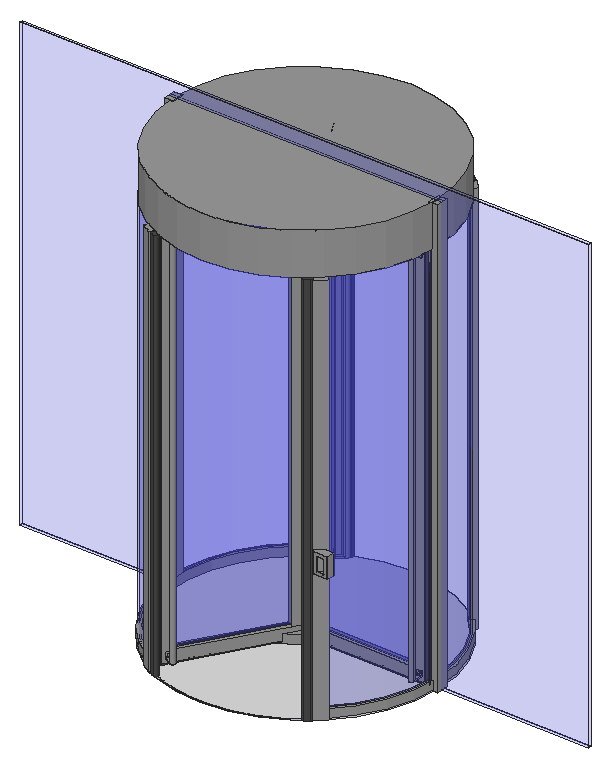
Revit family "Geryon SRD-C01", category Türen, Revit 2016 (continued)
Dimensions and locks
  locked: Extrusion 70 sketch curve to Extrusion 70 sketch curve at 85
  locked: Extrusion 70 sketch curve to Extrusion 70 sketch curve at 48.5
  locked: Extrusion 71 sketch curve to Extrusion 71 sketch curve at 85
  locked: Extrusion 71 sketch curve to Extrusion 71 sketch curve at 48.5
  locked: Extrusion 72 sketch curve to Extrusion 72 sketch curve at 85
  locked: Extrusion 72 sketch curve to Extrusion 72 sketch curve at 48.5
  "DiameterNightLockFrame": Extrusion 72 sketch curve to plane 17
  "DiameterNightLockFrame": plane 15 "120-3" to Extrusion 71 sketch curve
  locked: Extrusion 70 sketch curve to plane 13 "120-1" at 20
  "DiameterNightLockFrame": plane 15 "120-3" to Extrusion 70 sketch curve
  "ConsoleS2": nested 15 to plane 17
  equal spacing: Extrusion 23, nested 6, Sweep 35
  equal spacing: Extrusion 13, nested 11, Extrusion 14
  equal spacing: Extrusion 8, nested 8, Extrusion 8
  equal spacing: Extrusion 7, nested 5, Extrusion 7
  equal spacing: Extrusion 16, nested 9, Extrusion 16
  equal spacing: Extrusion 26, plane 1 "Mitte (Vorne/Hinten)", Extrusion 26
  "DoorThickness": Extrusion 26 to Extrusion 26
  equal spacing: Extrusion 13, plane 10 "180-1", Extrusion 13
  "DoorThickness": Extrusion 13 to Extrusion 13
  equal spacing: nested 8, plane 11 "180-2", Extrusion 8
  "DoorThickness": Extrusion 8 to nested 8
  equal spacing: Extrusion 16, plane 12 "180-3", Extrusion 16
  "DoorThickness": Extrusion 16 to Extrusion 16
  equal spacing: Extrusion 7, plane 9 "180-4", Extrusion 7
  "DoorThickness": Extrusion 7 to Extrusion 7
  equal spacing: Extrusion 23, plane 13 "120-1", Extrusion 23
  "DoorThickness": Extrusion 23 to Extrusion 23
  equal spacing: Extrusion 26, plane 1 "Mitte (Vorne/Hinten)", Extrusion 80 sketch curve
  "DoorThickness": Extrusion 80 sketch curve to Extrusion 80 sketch curve  (x3)
  equal spacing: Extrusion 80 sketch curve, plane 13 "120-1", Extrusion 80 sketch curve
  equal spacing: Extrusion 80 sketch curve, plane 15 "120-3", Extrusion 80 sketch curve
  equal spacing: Extrusion 79 sketch curve, plane 11 "180-2", Extrusion 79 sketch curve
  equal spacing: Extrusion 79 sketch curve, plane 12 "180-3", Extrusion 79 sketch curve
  "DoorThickness": Extrusion 79 sketch curve to Extrusion 79 sketch curve  (x2)
  "FrameThicknessCenter": Extrusion 80 sketch curve to plane 17
  "FrameThicknessCenter": plane 14 "120-2" to Extrusion 80 sketch curve  (x2)
  "FrameThickness": Extrusion 79 sketch curve to Extrusion 79 sketch curve  (x4)
  locked: level to Extrusion 26 sketch curve at 15
  locked: plane 2 to Extrusion 8 sketch curve at 15
  locked: Extrusion 7 sketch curve to plane 2 at 15
  locked: Extrusion 16 sketch curve to plane 8 "access height" at 15
  locked: Extrusion 16 sketch curve to plane 2 at 15
  locked: plane 8 "access height" to Extrusion 7 sketch curve at 15
  locked: Extrusion 23 sketch curve to plane 2 at 15
  locked: plane 8 "access height" to Extrusion 23 sketch curve at 15
  locked: Extrusion 13 sketch curve to plane 2 at 15
  locked: plane 8 "access height" to Extrusion 13 sketch curve at 15
  Extrusion 26 sketch curve to plane 8 "access height" = 15.00 mm
  locked: plane 8 "access height" to Extrusion 8 sketch curve at 15
  "FrameThicknessCenter": plane 19 "upperFrame" to plane 8 "access height"
  "DoorWidth": Extrusion 81 sketch curve to plane 20 "120-3 normal"
  "FrameThickness": Extrusion 81 sketch curve to Extrusion 81 sketch curve  (x3)
  locked: Extrusion 81 sketch curve to plane 2 at 15
  locked: plane 8 "access height" to Extrusion 81 sketch curve at 15
  equal spacing: Extrusion 81, nested 10, Extrusion 81
  equal spacing: Extrusion 81, plane 15 "120-3", Extrusion 81
  "DoorThickness": Extrusion 81 to Extrusion 81
  "Height": plane 2 to plane 7
  equal spacing: Extrusion 1 sketch curve, plane 3 "Mitte (Links/Rechts)", Extrusion 1 sketch curve
  "Width": Extrusion 1 sketch curve to Extrusion 1 sketch curve
  locked: Extrusion 6 sketch curve to Extrusion 1 at 10
  locked: Extrusion 1 to Extrusion 19 sketch curve at 10
  "AccessLengthOrRadius": radius of curve 1
  "DiameterOutside": radius of curve 2
  "DiameterNightLock": radius of curve 3
  "DiameterNightLockCover": radius of curve 4
  "Diameter": radius of Extrusion 3 sketch curve
  "DiameterCoverFront": radius of Extrusion 30 sketch curve
  "Diameter": radius of Extrusion 30 sketch curve
  "DiameterCoverFront": radius of Extrusion 39 sketch curve
  "Diameter": radius of Extrusion 39 sketch curve
  "DiameterNightLockGlassInside": radius of Extrusion 45 sketch curve
  "DiameterNightLockGlassOutside": radius of Extrusion 45 sketch curve
  "DiameterNightLockGlassInside": radius of Extrusion 46 sketch curve
  "DiameterNightLockGlassOutside": radius of Extrusion 46 sketch curve
  "DiameterNightLockGlassInside": radius of Extrusion 53 sketch curve
  "DiameterNightLockGlassOutside": radius of Extrusion 53 sketch curve
  "DiameterNightLockGlassInside": radius of Extrusion 54 sketch curve
  "DiameterNightLockGlassOutside": radius of Extrusion 54 sketch curve
  "DiameterNightLockGlassInside": radius of curve 27
  "DiameterNightLockGlassOutside": radius of curve 26
  "DiameterGlassInside": radius of curve 29
  "DiameterGlassOutside": radius of curve 28
  angle plane 15 "120-3" to plane 16 = 37.50°
  angle plane 16 to plane 11 "180-2" = 37.50°
  aligned and locked: level to plane 2
  aligned and locked: Extrusion 1 to plane 4 "Section L"
  aligned and locked: Extrusion 1 to plane 6 "Oberkante"
  aligned and locked: Extrusion 1 to plane 5 "Section R"
  aligned and locked: Extrusion 1 to level  (x2)
  aligned and locked: Extrusion 21 to nested 3
  aligned and locked: nested 4 to Extrusion 22
  aligned and locked: nested 3 to plane 8 "access height"
  aligned and locked: nested 2 to plane 8 "access height"
  aligned and locked: plane 8 "access height" to nested 1
  aligned and locked: plane 8 "access height" to nested 4
  aligned and locked: Extrusion 30 to plane 8 "access height"
  aligned and locked: plane 7 to Extrusion 30
  aligned and locked: Extrusion 19 to Extrusion 5 sketch curve  (x2)
  aligned and locked: Extrusion 38 sketch curve to curve 2
  aligned and locked: plane 7 to Extrusion 39
  aligned and locked: Extrusion 39 to plane 8 "access height"
  aligned and locked: Extrusion 44 sketch curve to curve 4
  aligned and locked: Extrusion 44 sketch curve to curve 3
  aligned and locked: Extrusion 40 to Extrusion 44 sketch curve
  aligned and locked: Extrusion 42 to Extrusion 44 sketch curve
  aligned and locked: Extrusion 40 to Extrusion 45 sketch curve
  aligned and locked: Extrusion 42 to Extrusion 45 sketch curve
  aligned and locked: Extrusion 47 sketch curve to curve 3
  aligned and locked: Extrusion 47 sketch curve to curve 4
  aligned and locked: Extrusion 47 sketch curve to Extrusion 43
  aligned and locked: Extrusion 46 sketch curve to Extrusion 43
  aligned and locked: Extrusion 43 to Extrusion 48 sketch curve
  aligned and locked: Extrusion 48 sketch curve to curve 4  (x2)
  aligned and locked: Extrusion 48 sketch curve to curve 3  (x2)
  aligned and locked: Extrusion 42 to Extrusion 48 sketch curve
  aligned and locked: Extrusion 40 to Extrusion 48 sketch curve
  aligned and locked: plane 8 "access height" to Extrusion 48
  aligned and locked: Extrusion 53 sketch curve to Extrusion 49
  aligned and locked: Extrusion 53 sketch curve to Extrusion 51
  aligned and locked: Extrusion 52 to Extrusion 54 sketch curve
  aligned and locked: plane 8 "access height" to Extrusion 56
  aligned and locked: Extrusion 55 sketch curve to curve 4  (x2)
  aligned and locked: Extrusion 55 sketch curve to curve 3  (x2)
  aligned and locked: Extrusion 51 to Extrusion 55 sketch curve
  aligned and locked: Extrusion 49 to Extrusion 55 sketch curve
  aligned and locked: Extrusion 50 to Extrusion 55 sketch curve
  aligned and locked: Extrusion 52 to Extrusion 55 sketch curve
  aligned and locked: Extrusion 56 sketch curve to curve 4  (x2)
  aligned and locked: Extrusion 56 sketch curve to curve 3  (x2)
  aligned and locked: Extrusion 51 to Extrusion 56 sketch curve
  aligned and locked: Extrusion 49 to Extrusion 56 sketch curve
  aligned and locked: Extrusion 50 to Extrusion 56 sketch curve
  aligned and locked: Extrusion 52 to Extrusion 56 sketch curve
  aligned and locked: nested 12 to nested 4
  aligned and locked: Extrusion 57 sketch curve to plane 9 "180-4"
  aligned and locked: Extrusion 57 sketch curve to plane 12 "180-3"
  aligned and locked: Extrusion 57 sketch curve to plane 11 "180-2"
  aligned and locked: Extrusion 57 sketch curve to plane 10 "180-1"
  aligned and locked: plane 8 "access height" to Extrusion 57
  aligned and locked: plane 8 "access height" to Extrusion 49
  aligned and locked: plane 8 "access height" to Extrusion 50
  aligned and locked: plane 8 "access height" to Extrusion 51
  aligned and locked: plane 8 "access height" to Extrusion 42
  aligned and locked: plane 8 "access height" to Extrusion 20
  aligned and locked: plane 8 "access height" to Extrusion 52
  aligned and locked: plane 8 "access height" to Extrusion 22
  aligned and locked: plane 8 "access height" to Extrusion 21
  aligned and locked: plane 8 "access height" to Extrusion 40
  aligned and locked: plane 8 "access height" to Extrusion 41
  aligned and locked: plane 8 "access height" to Extrusion 43
  aligned and locked: plane 7 to Extrusion 19
  aligned and locked: plane 7 to Extrusion 6
  aligned and locked: nested 1 to Extrusion 58
  aligned and locked: Extrusion 60 sketch curve to curve 1
  aligned and locked: Extrusion 60 sketch curve to plane 9 "180-4"
  aligned and locked: Extrusion 60 sketch curve to plane 12 "180-3"
  aligned and locked: Extrusion 60 sketch curve to curve 2
  aligned and locked: plane 8 "access height" to Extrusion 61
  aligned and locked: plane 8 "access height" to Extrusion 58
  aligned and locked: Extrusion 62 to nested 14  (x2)
  aligned and locked: Extrusion 64 sketch curve to curve 3
  aligned and locked: Extrusion 64 sketch curve to curve 4
  aligned and locked: Extrusion 64 sketch curve to plane 15 "120-3"
  aligned and locked: Extrusion 64 sketch curve to plane 11 "180-2"
  aligned and locked: Extrusion 65 sketch curve to curve 26  (x2)
  aligned and locked: Extrusion 65 sketch curve to curve 27  (x2)
  aligned and locked: Extrusion 68 to plane 16
  aligned and locked: Extrusion 69 sketch curve to curve 3
  aligned and locked: Extrusion 69 sketch curve to curve 4
  aligned and locked: Extrusion 69 sketch curve to plane 11 "180-2"
  aligned and locked: Extrusion 69 sketch curve to plane 15 "120-3"
  aligned and locked: Extrusion 66 sketch curve to curve 27  (x2)
  aligned and locked: Extrusion 66 sketch curve to curve 26  (x2)
  aligned and locked: Extrusion 67 to Extrusion 66 sketch curve
  aligned and locked: Extrusion 68 to Extrusion 66 sketch curve
  aligned and locked: plane 17 to Extrusion 72 sketch curve
  aligned and locked: plane 17 to Extrusion 71 sketch curve
  aligned and locked: nested 15 to Extrusion 70
  aligned and locked: Extrusion 73 sketch curve to curve 4  (x2)
  aligned and locked: Extrusion 73 sketch curve to curve 3  (x2)
  aligned and locked: Extrusion 71 to Extrusion 73 sketch curve
  aligned and locked: Extrusion 72 to Extrusion 73 sketch curve
  aligned and locked: Extrusion 70 to Extrusion 73 sketch curve
  aligned and locked: Extrusion 52 to Extrusion 73 sketch curve
  aligned and locked: Extrusion 74 sketch curve to curve 4  (x2)
  aligned and locked: Extrusion 74 sketch curve to curve 3  (x2)
  aligned and locked: Extrusion 70 to Extrusion 74 sketch curve
  aligned and locked: Extrusion 71 to Extrusion 74 sketch curve
  aligned and locked: Extrusion 72 to Extrusion 74 sketch curve
  aligned and locked: Extrusion 52 to Extrusion 74 sketch curve
  aligned and locked: plane 8 "access height" to Extrusion 74
  aligned and locked: plane 8 "access height" to Extrusion 66
  aligned and locked: Extrusion 57 sketch curve to curve 1  (x2)
  aligned and locked: Extrusion 57 sketch curve to curve 2  (x2)
  aligned and locked: Extrusion 75 sketch curve to curve 26
  aligned and locked: Extrusion 75 sketch curve to curve 27  (x2)
  aligned and locked: Extrusion 70 to Extrusion 75 sketch curve
  aligned and locked: Extrusion 52 to Extrusion 75 sketch curve
  aligned and locked: Extrusion 71 to Extrusion 75 sketch curve
  aligned and locked: Extrusion 72 to Extrusion 75 sketch curve
  aligned and locked: Extrusion 75 sketch curve to Extrusion 53
  aligned and locked: Extrusion 63 to Extrusion 65 sketch curve
  aligned and locked: Extrusion 65 sketch curve to Extrusion 43
  aligned and locked: Extrusion 67 to Extrusion 65 sketch curve
  aligned and locked: Extrusion 68 to Extrusion 65 sketch curve
  aligned and locked: Extrusion 63 to Extrusion 66 sketch curve
  aligned and locked: Extrusion 43 to Extrusion 66 sketch curve
  aligned and locked: Extrusion 76 sketch curve to curve 2
  aligned and locked: Extrusion 76 sketch curve to curve 1
  aligned and locked: Extrusion 76 sketch curve to plane 13 "120-1"
  aligned and locked: Extrusion 76 sketch curve to plane 15 "120-3"
  aligned and locked: Extrusion 77 sketch curve to curve 1
  aligned and locked: Extrusion 77 sketch curve to curve 2
  aligned and locked: Extrusion 77 sketch curve to plane 10 "180-1"
  aligned and locked: Extrusion 77 sketch curve to plane 11 "180-2"
  aligned and locked: Extrusion 6 to Extrusion 59 sketch curve  (x2)
  aligned and locked: Extrusion 59 sketch curve to plane 9 "180-4"
  aligned and locked: Extrusion 59 sketch curve to curve 29  (x2)
  aligned and locked: Extrusion 59 sketch curve to curve 28  (x2)
  aligned and locked: Extrusion 59 sketch curve to plane 12 "180-3"
  aligned and locked: Extrusion 6 to Extrusion 78 sketch curve  (x2)
  aligned and locked: Extrusion 78 sketch curve to curve 28
  aligned and locked: Extrusion 78 sketch curve to curve 29  (x2)
  aligned and locked: Extrusion 62 to Extrusion 78 sketch curve
  aligned and locked: Extrusion 58 to Extrusion 78 sketch curve
  aligned and locked: plane 11 "180-2" to Extrusion 13 sketch curve
  aligned and locked: Extrusion 13 sketch curve to plane 11 "180-2"
  aligned and locked: Extrusion 8 sketch curve to plane 12 "180-3"  (x2)
  aligned and locked: Extrusion 23 sketch curve to Extrusion 23 sketch curve
  aligned and locked: Extrusion 26 sketch curve to plane 3 "Mitte (Links/Rechts)"
  aligned and locked: plane 11 "180-2" to Extrusion 14
  aligned and locked: plane 12 "180-3" to Extrusion 9
  aligned and locked: plane 18 to Extrusion 24
  aligned and locked: plane 18 to Extrusion 25
  aligned and locked: nested 6 to Extrusion 23
  aligned and locked: nested 7 to Extrusion 26
  aligned and locked: nested 11 to Extrusion 13
  aligned and locked: nested 8 to Extrusion 8
  aligned and locked: Extrusion 15 to Extrusion 29 sketch curve
  aligned and locked: Extrusion 5 sketch curve to curve 28  (x2)
  aligned and locked: Extrusion 5 sketch curve to curve 29  (x2)
  aligned and locked: Extrusion 26 to plane 3 "Mitte (Links/Rechts)"
  aligned and locked: Extrusion 79 sketch curve to Extrusion 79 sketch curve  (x4)
  aligned and locked: Extrusion 16 sketch curve to plane 11 "180-2"
  aligned and locked: plane 11 "180-2" to Extrusion 16 sketch curve
  aligned and locked: plane 12 "180-3" to Extrusion 7 sketch curve
  aligned and locked: Extrusion 7 sketch curve to plane 12 "180-3"
  aligned and locked: Extrusion 9 to Extrusion 7
  aligned and locked: Extrusion 23 sketch curve to plane 18
  aligned and locked: Extrusion 29 to Extrusion 16  (x2)
  aligned and locked: plane 3 "Mitte (Links/Rechts)" to Extrusion 26 sketch curve
  aligned and locked: Extrusion 57 to plane 19 "upperFrame"
  aligned and locked: Extrusion 56 to plane 19 "upperFrame"
  aligned and locked: Extrusion 74 to plane 19 "upperFrame"
  aligned and locked: plane 19 "upperFrame" to Extrusion 75
  aligned and locked: plane 19 "upperFrame" to Extrusion 53
  aligned and locked: plane 19 "upperFrame" to Extrusion 9
  aligned and locked: Extrusion 48 to plane 19 "upperFrame"
  aligned and locked: plane 19 "upperFrame" to Extrusion 45
  aligned and locked: Extrusion 69 to plane 19 "upperFrame"
  aligned and locked: Extrusion 66 to plane 19 "upperFrame"
  aligned and locked: plane 19 "upperFrame" to Extrusion 65
  aligned and locked: plane 19 "upperFrame" to Extrusion 54
  aligned and locked: plane 19 "upperFrame" to Extrusion 27
  aligned and locked: plane 19 "upperFrame" to Extrusion 12
  aligned and locked: plane 19 "upperFrame" to Extrusion 46
  aligned and locked: plane 19 "upperFrame" to Extrusion 28
  aligned and locked: plane 19 "upperFrame" to Extrusion 11
  aligned and locked: plane 19 "upperFrame" to Extrusion 15
  aligned and locked: plane 19 "upperFrame" to Extrusion 14
  aligned and locked: plane 19 "upperFrame" to Extrusion 17
  aligned and locked: plane 19 "upperFrame" to Extrusion 18
  aligned and locked: plane 19 "upperFrame" to Extrusion 10
  aligned and locked: Extrusion 25 to Extrusion 23
  aligned and locked: Extrusion 24 to Extrusion 23
  aligned and locked: Extrusion 15 to Extrusion 13
  aligned and locked: Extrusion 14 to Extrusion 13
  aligned and locked: Extrusion 28 to Extrusion 26
  aligned and locked: Extrusion 27 to Extrusion 26
  aligned and locked: Extrusion 12 to Extrusion 8
  aligned and locked: Extrusion 11 to Extrusion 8
  aligned and locked: Extrusion 17 to Extrusion 16
  aligned and locked: nested 9 to Extrusion 16
  aligned and locked: Extrusion 7 to nested 5
  aligned and locked: Extrusion 23 to nested 6
  aligned and locked: Extrusion 81 sketch curve to plane 20 "120-3 normal"  (x2)
  aligned and locked: Extrusion 18 to Extrusion 16
  aligned and locked: Extrusion 10 to Extrusion 7
  aligned and locked: Extrusion 81 to nested 10
  aligned and locked: Extrusion 5 sketch curve to Extrusion 20
  aligned and locked: Extrusion 22 to Extrusion 5 sketch curve
  aligned and locked: Extrusion 79 to Extrusion 7
  aligned and locked: Extrusion 80 to Extrusion 7
  aligned and locked: Extrusion 26 to nested 16
  aligned and locked: Extrusion 8 to nested 17
  aligned and locked: Extrusion 81 to nested 18
  aligned and locked: Extrusion 16 to nested 19
  aligned and locked: Extrusion 7 to nested 20
  aligned and locked: Extrusion 23 to nested 21
  aligned and locked: Extrusion 13 to nested 22
  aligned and locked: nested 8 to nested 17
  aligned and locked: nested 7 to nested 16
  aligned and locked: nested 10 to nested 18
  aligned and locked: nested 9 to nested 19
  aligned and locked: nested 5 to nested 20
  aligned and locked: nested 6 to nested 21
  aligned and locked: nested 11 to nested 22
  aligned and locked: Extrusion 24 to Extrusion 7  (x2)
  aligned and locked: Extrusion 25 to Extrusion 7
  aligned and locked: Extrusion 27 to Extrusion 8
  aligned and locked: plane 8 "access height" to Extrusion 72
  aligned and locked: plane 8 "access height" to Extrusion 71
  aligned and locked: plane 8 "access height" to Extrusion 67
  aligned and locked: plane 8 "access height" to Extrusion 68
  aligned and locked: plane 8 "access height" to Extrusion 69
  aligned and locked: nested 14 to plane 8 "access height"
  aligned and locked: plane 8 "access height" to Extrusion 62
  aligned and locked: plane 8 "access height" to Extrusion 63
  aligned and locked: plane 8 "access height" to Extrusion 70
  aligned and locked: plane 7 to Extrusion 3
  aligned and locked: Extrusion 29 to Extrusion 81
  aligned and locked: Extrusion 82 sketch curve to plane 20 "120-3 normal"
  aligned and locked: Extrusion 81 to Extrusion 82 sketch curve
  aligned and locked: Extrusion 82 sketch curve to Extrusion 81  (x2)
Automatic sketch dimensions
  plane 9 "180-4" to Extrusion 2 sketch curve = 0.00 mm
  Extrusion 4 sketch curve to plane 15 "120-3" = 0.00 mm
  plane 1 "Mitte (Vorne/Hinten)" to Extrusion 4 sketch curve = 0.00 mm
  plane 10 "180-1" to Extrusion 4 sketch curve = 52.023 mm
  Extrusion 4 sketch curve to Extrusion 4 sketch curve = 147.131 mm
  Extrusion 4 sketch curve to Extrusion 4 sketch curve = 199.686 mm
  Extrusion 4 sketch curve to Extrusion 4 sketch curve = 285.181 mm
  plane 1 "Mitte (Vorne/Hinten)" to Extrusion 6 sketch curve = 42.50 mm
  Extrusion 9 sketch curve to plane 10 "180-1" = 0.00 mm
  level to Extrusion 10 sketch curve = 63.00 mm
  Extrusion 10 sketch curve to plane 8 "access height" = 92.00 mm
  level to Extrusion 11 sketch curve = 63.00 mm
  Extrusion 11 sketch curve to plane 8 "access height" = 92.00 mm
  level to Extrusion 12 sketch curve = 63.00 mm
  Extrusion 12 sketch curve to plane 8 "access height" = 92.00 mm
  plane 9 "180-4" to Extrusion 14 sketch curve = 0.00 mm
  level to Extrusion 14 sketch curve = 63.00 mm
  Extrusion 14 sketch curve to Extrusion 14 sketch curve = 790.00 mm
  Extrusion 14 sketch curve to plane 8 "access height" = 92.00 mm
  plane 9 "180-4" to Extrusion 15 sketch curve = 0.001 mm
  level to Extrusion 15 sketch curve = 63.00 mm
  Extrusion 15 sketch curve to Extrusion 15 sketch curve = 789.999 mm
  Extrusion 15 sketch curve to plane 8 "access height" = 92.00 mm
  plane 9 "180-4" to Extrusion 17 sketch curve = 0.001 mm
  level to Extrusion 17 sketch curve = 63.00 mm
  Extrusion 17 sketch curve to Extrusion 17 sketch curve = 790.001 mm
  Extrusion 17 sketch curve to plane 8 "access height" = 92.00 mm
  plane 9 "180-4" to Extrusion 18 sketch curve = 0.001 mm
  level to Extrusion 18 sketch curve = 63.00 mm
  Extrusion 18 sketch curve to Extrusion 18 sketch curve = 790.001 mm
  Extrusion 18 sketch curve to plane 8 "access height" = 92.00 mm
  Extrusion 19 sketch curve to plane 1 "Mitte (Vorne/Hinten)" = 42.50 mm
  Extrusion 24 sketch curve to Extrusion 24 sketch curve = 790.00 mm
  level to Extrusion 25 sketch curve = 63.00 mm
  Extrusion 25 sketch curve to Extrusion 25 sketch curve = 790.00 mm
  Extrusion 25 sketch curve to plane 8 "access height" = 95.00 mm
  plane 3 "Mitte (Links/Rechts)" to Extrusion 27 sketch curve = 0.00 mm
  level to Extrusion 28 sketch curve = 63.00 mm
  Extrusion 28 sketch curve to plane 8 "access height" = 92.00 mm
  Extrusion 44 sketch curve to Extrusion 44 sketch curve = 0.00 mm  (x2)
  plane 3 "Mitte (Links/Rechts)" to Extrusion 47 sketch curve = 77.839 mm
  plane 3 "Mitte (Links/Rechts)" to Extrusion 48 sketch curve = 77.839 mm
  Extrusion 59 sketch curve to plane 10 "180-1" = 0.00 mm  (x2)
  Extrusion 60 sketch curve to plane 9 "180-4" = 0.00 mm  (x2)
  Extrusion 64 sketch curve to plane 15 "120-3" = 0.00 mm  (x2)
  Extrusion 69 sketch curve to plane 15 "120-3" = 0.00 mm  (x2)
  Extrusion 74 sketch curve to Extrusion 74 sketch curve = 0.00 mm  (x2)
  Extrusion 76 sketch curve to plane 13 "120-1" = 0.00 mm  (x2)
  plane 10 "180-1" to Extrusion 77 sketch curve = 0.00 mm  (x2)
  plane 10 "180-1" to Extrusion 11 sketch curve = 0.00 mm
  plane 10 "180-1" to Extrusion 12 sketch curve = 0.00 mm
  Extrusion 10 sketch curve to plane 10 "180-1" = 0.001 mm
  plane 3 "Mitte (Links/Rechts)" to Extrusion 28 sketch curve = 0.00 mm
  Extrusion 27 sketch curve to plane 8 "access height" = 92.00 mm
  level to Extrusion 27 sketch curve = 95.00 mm
  Extrusion 11 sketch curve to Extrusion 11 sketch curve = 790.00 mm
  Extrusion 12 sketch curve to Extrusion 12 sketch curve = 790.00 mm
  Extrusion 9 sketch curve to plane 8 "access height" = 92.00 mm
  level to Extrusion 9 sketch curve = 100.00 mm
  Extrusion 9 sketch curve to Extrusion 9 sketch curve = 790.00 mm
  Extrusion 10 sketch curve to Extrusion 10 sketch curve = 789.999 mm
  Extrusion 24 sketch curve to plane 18 = 0.00 mm
  level to Extrusion 24 sketch curve = 95.00 mm
  Extrusion 24 sketch curve to plane 8 "access height" = 95.00 mm
  level to Extrusion 29 sketch curve = 95.00 mm
  Extrusion 29 sketch curve to plane 19 "upperFrame" = 3.00 mm
  Extrusion 29 sketch curve to plane 20 "120-3 normal" = 790.00 mm
  Extrusion 27 sketch curve to Extrusion 27 sketch curve = 790.00 mm
  Extrusion 28 sketch curve to Extrusion 28 sketch curve = 790.00 mm
  Extrusion 78 sketch curve to Extrusion 78 sketch curve = 0.00 mm  (x2)
  Extrusion 78 sketch curve to Extrusion 78 sketch curve = 11.01 mm
  curve 1 to curve 2 = 0.00 mm  (x2)
  curve 1 to curve 3 = 0.00 mm  (x2)
  curve 1 to curve 4 = 0.00 mm  (x2)
  curve 1 to curve 26 = 0.00 mm  (x2)
  curve 1 to curve 27 = 0.00 mm  (x2)
  curve 1 to curve 28 = 0.00 mm  (x2)
  curve 1 to curve 29 = 0.00 mm  (x2)
  plane 1 "Mitte (Vorne/Hinten)" to curve 24 = 0.00 mm
  plane 1 "Mitte (Vorne/Hinten)" to curve 4 = 0.00 mm
  curve 4 to plane 3 "Mitte (Links/Rechts)" = 0.00 mm
  plane 13 "120-1" to curve 23 = 0.00 mm
  plane 15 "120-3" to curve 23 = 0.00 mm
  curve 25 to curve 1 = 40.00 mm
  plane 3 "Mitte (Links/Rechts)" to curve 23 = 20.00 mm  (x2)
  Extrusion 1 sketch curve to level = 0.00 mm  (x2)
  plane 4 "Section L" to Extrusion 1 sketch curve = 0.00 mm
  plane 5 "Section R" to Extrusion 1 sketch curve = 0.00 mm
  Extrusion 1 sketch curve to plane 7 = 0.00 mm
  Extrusion 1 sketch curve to plane 6 "Oberkante" = 0.00 mm
  plane 1 "Mitte (Vorne/Hinten)" to Extrusion 3 sketch curve = 0.00 mm
  Extrusion 3 sketch curve to plane 3 "Mitte (Links/Rechts)" = 0.00 mm
  Extrusion 30 sketch curve to Extrusion 30 sketch curve = 0.00 mm
  plane 1 "Mitte (Vorne/Hinten)" to Extrusion 30 sketch curve = 0.00 mm
  Extrusion 30 sketch curve to plane 3 "Mitte (Links/Rechts)" = 0.00 mm
  Extrusion 39 sketch curve to Extrusion 39 sketch curve = 0.00 mm
  plane 1 "Mitte (Vorne/Hinten)" to Extrusion 39 sketch curve = 0.00 mm
  Extrusion 39 sketch curve to plane 3 "Mitte (Links/Rechts)" = 0.00 mm
  Extrusion 40 sketch curve to plane 3 "Mitte (Links/Rechts)" = 0.00 mm
  Extrusion 40 sketch curve to Extrusion 40 sketch curve = 1.80 mm  (x2)
  Extrusion 40 sketch curve to Extrusion 40 sketch curve = 2.00 mm
  Extrusion 40 sketch curve to plane 3 "Mitte (Links/Rechts)" = 2.00 mm
  Extrusion 41 sketch curve to Extrusion 41 sketch curve = 2.00 mm  (x4)
  Extrusion 41 sketch curve to plane 3 "Mitte (Links/Rechts)" = 0.00 mm
  Extrusion 42 sketch curve to Extrusion 42 sketch curve = 2.00 mm  (x4)
  plane 10 "180-1" to Extrusion 42 sketch curve = 65.00 mm
  Extrusion 43 sketch curve to Extrusion 43 sketch curve = 2.00 mm  (x4)
  plane 9 "180-4" to Extrusion 43 sketch curve = 19.998 mm
  Extrusion 45 sketch curve to Extrusion 45 sketch curve = 0.00 mm  (x2)
  plane 1 "Mitte (Vorne/Hinten)" to Extrusion 45 sketch curve = 0.00 mm
  Extrusion 45 sketch curve to plane 3 "Mitte (Links/Rechts)" = 0.00 mm
  Extrusion 46 sketch curve to Extrusion 46 sketch curve = 0.00 mm  (x2)
  plane 1 "Mitte (Vorne/Hinten)" to Extrusion 46 sketch curve = 0.00 mm
  Extrusion 46 sketch curve to plane 3 "Mitte (Links/Rechts)" = 0.00 mm
  Extrusion 46 sketch curve to plane 3 "Mitte (Links/Rechts)" = 85.00 mm
  Extrusion 49 sketch curve to Extrusion 49 sketch curve = 1.80 mm  (x2)
  plane 3 "Mitte (Links/Rechts)" to Extrusion 49 sketch curve = 0.00 mm
  Extrusion 49 sketch curve to Extrusion 49 sketch curve = 2.00 mm  (x2)
  Extrusion 50 sketch curve to Extrusion 50 sketch curve = 2.00 mm  (x4)
  plane 3 "Mitte (Links/Rechts)" to Extrusion 50 sketch curve = 0.001 mm
  Extrusion 51 sketch curve to Extrusion 51 sketch curve = 2.00 mm  (x4)
  Extrusion 51 sketch curve to plane 9 "180-4" = 20.001 mm
  Extrusion 52 sketch curve to Extrusion 52 sketch curve = 2.00 mm  (x4)
  Extrusion 52 sketch curve to plane 10 "180-1" = 65.00 mm
  Extrusion 53 sketch curve to Extrusion 53 sketch curve = 0.00 mm  (x2)
  plane 1 "Mitte (Vorne/Hinten)" to Extrusion 53 sketch curve = 0.00 mm
  Extrusion 53 sketch curve to plane 3 "Mitte (Links/Rechts)" = 0.00 mm
  Extrusion 54 sketch curve to Extrusion 54 sketch curve = 0.00 mm  (x2)
  Extrusion 54 sketch curve to plane 3 "Mitte (Links/Rechts)" = 0.00 mm
  Extrusion 54 sketch curve to plane 9 "180-4" = 0.00 mm
  plane 3 "Mitte (Links/Rechts)" to Extrusion 54 sketch curve = 85.00 mm
  Extrusion 58 sketch curve to Extrusion 58 sketch curve = 2.00 mm  (x4)
  Extrusion 58 sketch curve to plane 13 "120-1" = 20.001 mm
  Extrusion 61 sketch curve to Extrusion 61 sketch curve = 2.00 mm  (x4)
  Extrusion 63 sketch curve to Extrusion 63 sketch curve = 2.00 mm  (x4)
  Extrusion 63 sketch curve to plane 15 "120-3" = 65.00 mm
  Extrusion 67 sketch curve to plane 16 = 0.00 mm
  Extrusion 67 sketch curve to Extrusion 67 sketch curve = 1.80 mm  (x2)
  Extrusion 67 sketch curve to Extrusion 67 sketch curve = 2.00 mm
  Extrusion 67 sketch curve to plane 16 = 2.00 mm
  Extrusion 68 sketch curve to plane 16 = 0.00 mm
  Extrusion 68 sketch curve to Extrusion 68 sketch curve = 1.80 mm  (x2)
  Extrusion 68 sketch curve to Extrusion 68 sketch curve = 2.00 mm
  Extrusion 68 sketch curve to plane 16 = 2.00 mm
  Extrusion 70 sketch curve to Extrusion 70 sketch curve = 2.00 mm  (x4)
  Extrusion 71 sketch curve to Extrusion 71 sketch curve = 1.80 mm  (x2)
  Extrusion 71 sketch curve to Extrusion 71 sketch curve = 2.00 mm
  plane 17 to Extrusion 71 sketch curve = 2.00 mm
  Extrusion 72 sketch curve to Extrusion 72 sketch curve = 1.80 mm  (x2)
  Extrusion 72 sketch curve to Extrusion 72 sketch curve = 2.00 mm
  plane 17 to Extrusion 72 sketch curve = 2.00 mm
Nested families
  nested 1: "rubber profile" at (-410.811, 841.584, 0) x (0.5, -0.866, 0) z (0, 0, 1), visible <- "RotationInterval 120", type "rubber profile"
    with ClearHeight 2800.00 mm
  nested 2: "rubber profile" at (614.676, 706.576, 0) x (-0.7071, -0.7071, 0) z (0, 0, 1), type "rubber profile"
    with ClearHeight 2800.00 mm
  nested 3: "rubber profile" at (-614.629, -706.577, 0) x (0.7071, 0.7071, 0) z (0, 0, 1), visible <- "RotationInterval 180", type "rubber profile"
    with ClearHeight 2800.00 mm
  nested 4: "rubber profile" at (614.676, -706.576, 0) x (-0.7071, 0.7071, 0) z (0, 0, 1), type "rubber profile"
    with ClearHeight 2800.00 mm
  nested 5: "handle" at (-567.077, 606.698, 0) x (0.7071, -0.7071, 0) z (0, 0, 1), visible <- "HasGrabHandles 180", type "grabHandle"
    with ClearHeight 2800.00 mm
  nested 6: "handle" at (-390.728, 732.801, 0) x (0.5, -0.866, 0) z (0, 0, 1), visible <- "HasGrabHandles 120", type "grabHandle"
    with ClearHeight 2800.00 mm
  nested 7: "handle" at (830.023, -28, 0) x (-1, 0, 0) z (0, 0, 1), visible <- "HasGrabHandles 120", type "grabHandle"
    with ClearHeight 2800.00 mm
  nested 8: "handle" at (567.123, -606.698, 0) x (-0.7071, 0.7071, 0) z (0, 0, 1), visible <- "HasGrabHandles 180", type "grabHandle"
    with ClearHeight 2800.00 mm
  nested 9: "handle" at (-606.675, -567.1, 0) x (0.7071, 0.7071, 0) z (0, 0, 1), visible <- "HasGrabHandles 180", type "grabHandle"
    with ClearHeight 2800.00 mm
  nested 10: "handle" at (-439.226, -704.801, 0) x (0.5, 0.866, 0) z (0, 0, 1), visible <- "HasGrabHandles 120", type "grabHandle"
    with ClearHeight 2800.00 mm
  nested 11: "handle" at (606.721, 567.1, 0) x (-0.7071, -0.7071, 0) z (0, 0, 1), visible <- "HasGrabHandles 180", type "grabHandle"
    with ClearHeight 2800.00 mm
  nested 12: "console" at (626.52, -718.42, 950) x (0.7071, -0.7071, 0) z (0, 0, 1), visible <- "HasConsoleS1", type <- "ConsoleType", type "Type 4"
  nested 13: "console" at (-626.474, 718.42, 950) x (-0.7071, 0.7071, 0) z (0, 0, 1), visible <- "HasLock 180", type <- "ConsoleType", type "Type 4"
  nested 14: "rubber profile" at (-410.81, -841.584, 0) x (0.5, 0.866, 0) z (0, 0, 1), visible <- "RotationInterval 120", type "rubber profile"
    with ClearHeight 2800.00 mm
  nested 15: "console" at (-419.185, 856.09, 950) x (-0.5, 0.866, 0) z (0, 0, 1), visible <- "HasConsoleS2 120", type <- "ConsoleType", type "Type 4"
  nested 16: "handle" at (830.023, 28, 0) x (-1, 0, 0) z (0, 0, 1), visible <- "HasGrabHandles 120", type "grabHandle"
    with ClearHeight 2800.00 mm
  nested 17: "handle" at (606.721, -567.1, 0) x (-0.7071, 0.7071, 0) z (0, 0, 1), visible <- "HasGrabHandles 180", type "grabHandle"
    with ClearHeight 2800.00 mm
  nested 18: "handle" at (-390.728, -732.801, 0) x (0.5, 0.866, 0) z (0, 0, 1), visible <- "HasGrabHandles 120", type "grabHandle"
    with ClearHeight 2800.00 mm
  nested 19: "handle" at (-567.077, -606.698, 0) x (0.7071, 0.7071, 0) z (0, 0, 1), visible <- "HasGrabHandles 180", type "grabHandle"
    with ClearHeight 2800.00 mm
  nested 20: "handle" at (-606.675, 567.1, 0) x (0.7071, -0.7071, 0) z (0, 0, 1), visible <- "HasGrabHandles 180", type "grabHandle"
    with ClearHeight 2800.00 mm
  nested 21: "handle" at (-439.226, 704.801, 0) x (0.5, -0.866, 0) z (0, 0, 1), visible <- "HasGrabHandles 120", type "grabHandle"
    with ClearHeight 2800.00 mm
  nested 22: "handle" at (567.123, 606.698, 0) x (-0.7071, -0.7071, 0) z (0, 0, 1), visible <- "HasGrabHandles 180", type "grabHandle"
    with ClearHeight 2800.00 mm
Definition of nested family "rubber profile"
  Parameters
    RubberMaterial = none
    ClearHeight [instance] = 860.00 mm
  Reference planes
    plane 1 "Mitte (Vorne/Hinten)": y = 0
    plane 2: z = 0
    plane 3 "Mitte (Links/Rechts)": x = 0
    plane 4: z = 860
  Forms (mm)
    Extrusion 1, solid, material <- "RubberMaterial"
      sketch origin (959.147, -87.353, 0) x (0.707107, 0.707107, 0) y (-0.707107, 0.707107, 0)
        loop
          arc (-590.457, 784.714) -> (-606.688, 774.354) -> (-621.477, 762.023) r 151.839
          arc (-621.477, 762.023) -> (-625.471, 757.342) -> (-628.391, 751.926) r 29.082
          line (-628.391, 751.926) -> (-604.513, 728.049)
          arc (-604.513, 728.049) -> (-599.097, 730.968) -> (-594.416, 734.962) r 29.082
          arc (-594.416, 734.962) -> (-582.085, 749.751) -> (-571.725, 765.982) r 151.839
          arc (-571.725, 765.982) -> (-574.044, 782.395) -> (-590.457, 784.714) r 13.785
      from 0 to 860
  Dimensions and locks
    "ClearHeight": plane 2 to plane 4
    aligned and locked: level to plane 2
    aligned and locked: plane 4 to Extrusion 1
  Automatic sketch dimensions
    plane 1 "Mitte (Vorne/Hinten)" to Extrusion 1 sketch curve = 0.00 mm  (x2)
    Extrusion 1 sketch curve to plane 3 "Mitte (Links/Rechts)" = 0.00 mm
    Extrusion 1 sketch curve to plane 1 "Mitte (Vorne/Hinten)" = 7.937 mm
    Extrusion 1 sketch curve to plane 3 "Mitte (Links/Rechts)" = 132.648 mm
    Extrusion 1 sketch curve to Extrusion 1 sketch curve = 76.246 mm  (x2)
    Extrusion 1 sketch curve to Extrusion 1 sketch curve = 12.864 mm  (x2)
    Extrusion 1 sketch curve to Extrusion 1 sketch curve = 11.013 mm
    Extrusion 1 sketch curve to Extrusion 1 sketch curve = 3.039 mm
    Extrusion 1 sketch curve to Extrusion 1 sketch curve = 17.683 mm
    Extrusion 1 sketch curve to Extrusion 1 sketch curve = 87.47 mm
    Extrusion 1 sketch curve to Extrusion 1 sketch curve = 7.059 mm
    Extrusion 1 sketch curve to Extrusion 1 sketch curve = 0.00 mm  (x3)
Definition of nested family "handle"
  Parameters
    HasHandleBar = yes
    HasGrabHandle = no
    HandleMaterial = none
    ClearHeight = 2180.00 mm
  Reference planes
    plane 1 "Mitte (Vorne/Hinten)": y = 0
    plane 2: z = 0
    plane 3 "Mitte (Links/Rechts)": x = 0
    plane 4: z = 2180
  Forms (mm)
    Sweep 1, solid, material <- "HandleMaterial", visible <- "HasGrabHandle"
      path in 3D
        loop
          line (0, 0, 1200) -> (0, 37, 1200)
          arc (0, 37, 1200) -> (10.251, 61.749, 1200) -> (35, 72, 1200) r 35
          line (35, 72, 1200) -> (70, 72, 1200)
          arc (70, 72, 1200) -> (94.749, 72, 1189.749) -> (105, 72, 1165) r 35
          line (105, 72, 1165) -> (105, 72, 935)
          arc (105, 72, 935) -> (94.749, 72, 910.251) -> (70, 72, 900) r 35
          line (70, 72, 900) -> (35, 72, 900)
          arc (35, 72, 900) -> (10.251, 61.749, 900) -> (0, 37, 900) r 35
          line (0, 37, 900) -> (0, 0, 900)
      profile origin (0, 18.5, 1200) x (-1, 0, 0) y (0, 0, 1)
        loop
          circle (0, 0) r 16
    Extrusion 2, solid, material <- "HandleMaterial", visible <- "HasHandleBar"
      sketch origin (0, -12.5, 0) x (1, 0, 0) y (0, 1, 0)
        loop
          line (-17, 12.5) -> (17, 12.5) -> (17, 85.512)
          arc (17, 85.512) -> (0, 102.512) -> (-17, 85.512) r 17
          line (-17, 85.512) -> (-17, 12.5)
      from 52 to 55
    Extrusion 3, solid, material <- "HandleMaterial", visible <- "HasHandleBar"
      sketch origin (0, -12.5, 20) x (1, 0, 0) y (0, 1, 0)
        loop
          circle (0, 85.512) r 17
      from 35 to 2105
    Extrusion 4, solid, material <- "HandleMaterial", visible <- "HasHandleBar"
      sketch origin (0, -12.5, 20) x (1, 0, 0) y (0, 0, 1)
        loop
          line (-16.993, 63.5) -> (-16.993, 35) -> (16.993, 35) -> (16.993, 63.5)
          arc (16.993, 63.5) -> (16.114, 65.621) -> (13.993, 66.5) r 3
          line (13.993, 66.5) -> (-13.993, 66.5)
          arc (-13.993, 66.5) -> (-16.114, 65.621) -> (-16.993, 63.5) r 3
      from -15.5 to -12.5
    Extrusion 5, solid, material <- "HandleMaterial", visible <- "HasHandleBar"
      sketch origin (0, -12.5, 2353) x (0, -1, 0) y (1, 0, 0)
        loop
          line (-12.5, -17) -> (-12.5, 17) -> (-85.512, 17)
          arc (-85.512, 17) -> (-102.512, 0) -> (-85.512, -17) r 17
          line (-85.512, -17) -> (-12.5, -17)
      from -228 to -225
    Extrusion 6, solid, material <- "HandleMaterial", visible <- "HasHandleBar"
      sketch origin (0, -12.5, 2443.625) x (1, 0, 0) y (0, 0, 1)
        loop
          arc (-16.993, -347.125) -> (-16.114, -349.246) -> (-13.993, -350.125) r 3
          line (-13.993, -350.125) -> (13.993, -350.125)
          arc (13.993, -350.125) -> (16.114, -349.246) -> (16.993, -347.125) r 3
          line (16.993, -347.125) -> (16.993, -318.625) -> (-16.993, -318.625) -> (-16.993, -347.125)
      from -15.5 to -12.5
    Extrusion 7, solid, material <- "HandleMaterial", visible <- "HasHandleBar"
      sketch origin (-0.089, 24.5, -0.905) x (1, 0, 0) y (0, 0, 1)
        loop
          circle (0.089, 71.655) r 5
      from 15.5 to 21.5
    Extrusion 8, solid, material <- "HandleMaterial", visible <- "HasHandleBar"
      sketch origin (-0.089, 24.5, 2357.595) x (1, 0, 0) y (0, 0, 1)
        loop
          circle (0.089, -248.345) r 5
      from 15.5 to 21.5
  Lines and regions (mm)
    sketch lines
      curve 1: line (0, 0, 1200) -> (0, 37, 1200)
      curve 2: arc (0, 37, 1200) -> (10.251, 61.749, 1200) -> (35, 72, 1200) r 35
      curve 3: line (70, 72, 1200) -> (35, 72, 1200)
      curve 4: arc (70, 72, 1200) -> (94.749, 72, 1189.749) -> (105, 72, 1165) r 35
      curve 5: line (105, 72, 1165) -> (105, 72, 935)
      curve 6: arc (70, 72, 900) -> (94.749, 72, 910.251) -> (105, 72, 935) r 35
      curve 7: line (70, 72, 900) -> (35, 72, 900)
      curve 8: arc (0, 37, 900) -> (10.251, 61.749, 900) -> (35, 72, 900) r 35
      curve 9: line (0, 0, 900) -> (0, 37, 900)
  Dimensions and locks
    locked: Extrusion 4 sketch curve to Extrusion 4 sketch curve at 31.5
    locked: Extrusion 6 sketch curve to Extrusion 6 sketch curve at 31.5
    locked: Extrusion 3 to Extrusion 5 at 3
    locked: Extrusion 2 to Extrusion 2 at 3
    equal spacing: Extrusion 4, Extrusion 7, Extrusion 2
    "ClearHeight": plane 4 to plane 2
    Extrusion 2 to plane 2 = 52.00 mm
    locked: plane 4 to Extrusion 5 at 52
    aligned and locked: level to plane 2
    aligned and locked: Extrusion 3 to Extrusion 5
    aligned and locked: Extrusion 6 to Extrusion 3
    aligned and locked: Extrusion 4 to Extrusion 2
    aligned and locked: Extrusion 3 to Extrusion 2
  Automatic sketch dimensions
    Sweep 1 sketch curve to profile plane = 0.00 mm  (x2)
    Extrusion 2 sketch curve to plane 3 "Mitte (Links/Rechts)" = 0.00 mm
    Extrusion 2 sketch curve to plane 3 "Mitte (Links/Rechts)" = 17.00 mm
    Extrusion 2 sketch curve to plane 1 "Mitte (Vorne/Hinten)" = 0.00 mm
    Extrusion 2 sketch curve to Extrusion 2 sketch curve = 73.012 mm
    Extrusion 3 sketch curve to plane 3 "Mitte (Links/Rechts)" = 0.00 mm
    Extrusion 3 sketch curve to plane 1 "Mitte (Vorne/Hinten)" = 73.012 mm
    Extrusion 4 sketch curve to plane 3 "Mitte (Links/Rechts)" = 16.993 mm
    Extrusion 4 sketch curve to Extrusion 4 sketch curve = 3.00 mm
    plane 3 "Mitte (Links/Rechts)" to Extrusion 4 sketch curve = 13.993 mm
    plane 3 "Mitte (Links/Rechts)" to Extrusion 4 sketch curve = 16.993 mm
    level to Extrusion 4 sketch curve = 55.00 mm
    Extrusion 5 sketch curve to plane 3 "Mitte (Links/Rechts)" = 0.00 mm
    Extrusion 5 sketch curve to plane 3 "Mitte (Links/Rechts)" = 17.00 mm
    Extrusion 5 sketch curve to plane 1 "Mitte (Vorne/Hinten)" = 73.012 mm
    Extrusion 5 sketch curve to plane 1 "Mitte (Vorne/Hinten)" = 0.00 mm
    plane 3 "Mitte (Links/Rechts)" to Extrusion 6 sketch curve = 16.993 mm
    Extrusion 6 sketch curve to Extrusion 6 sketch curve = 3.00 mm
    Extrusion 6 sketch curve to plane 3 "Mitte (Links/Rechts)" = 13.993 mm
    Extrusion 6 sketch curve to plane 3 "Mitte (Links/Rechts)" = 16.993 mm
    plane 4 to Extrusion 6 sketch curve = 55.00 mm
    Extrusion 7 sketch curve to plane 3 "Mitte (Links/Rechts)" = 0.00 mm
    level to Extrusion 7 sketch curve = 70.75 mm
    Extrusion 8 sketch curve to plane 3 "Mitte (Links/Rechts)" = 0.00 mm
    Extrusion 8 sketch curve to plane 4 = 70.75 mm
    radius of Sweep 1 sketch curve = 16.00 mm
    radius of Extrusion 3 sketch curve = 17.00 mm
    radius of Extrusion 7 sketch curve = 5.00 mm
    radius of Extrusion 8 sketch curve = 5.00 mm
Definition of nested family "console"
  Parameters
    OpeningStart = 18.00 mm
    ConsoleHeight = 138.00 mm
  Reference planes
    plane 1 "Mitte (Vorne/Hinten)": y = 0
    plane 2: z = 0
    plane 3 "Mitte (Links/Rechts)": x = 0
    plane 4 "loch": through (36.581, 1.377, 1200) normal (-0.7071, 0.7071, 0)
    plane 5: z = 20
    plane 6: z = 122
    plane 7: z = 140
    plane 8: z = 2
    plane 9: z = 142
  Forms (mm)
    Extrusion 1, solid
      sketch origin (0, 0, 0) x (1, 0, 0) y (0, 1, 0)
        loop
          arc (1.377, 51.025) -> (0.358, 49.5) -> (0, 47.701) r 4.7
          line (0, 47.701) -> (0, 4.7)
          arc (0, 4.7) -> (1.377, 1.377) -> (4.7, 0) r 4.7
          line (4.7, 0) -> (33.258, 0)
          arc (33.258, 0) -> (35.056, 0.358) -> (36.581, 1.377) r 4.7
          line (36.581, 1.377) -> (99.094, 63.889)
          arc (99.094, 63.889) -> (100.471, 67.213) -> (99.094, 70.536) r 4.7
          line (99.094, 70.536) -> (63.315, 106.316)
          arc (63.315, 106.316) -> (59.991, 107.692) -> (56.668, 106.316) r 4.7
          line (56.668, 106.316) -> (1.377, 51.025)
      from 0 to 2
    Extrusion 2, solid
      sketch origin (0, 0, 0) x (1, 0, 0) y (0, 1, 0)
        loop
          arc (1.377, 51.025) -> (0.358, 49.5) -> (0, 47.701) r 4.7
          line (0, 47.701) -> (0, 4.7)
          arc (0, 4.7) -> (1.377, 1.377) -> (4.7, 0) r 4.7
          line (4.7, 0) -> (33.258, 0)
          arc (33.258, 0) -> (35.056, 0.358) -> (36.581, 1.377) r 4.7
          line (36.581, 1.377) -> (99.094, 63.889)
          arc (99.094, 63.889) -> (100.471, 67.213) -> (99.094, 70.536) r 4.7
          line (99.094, 70.536) -> (63.315, 106.316)
          arc (63.315, 106.316) -> (59.991, 107.692) -> (56.668, 106.316) r 4.7
          line (56.668, 106.316) -> (1.377, 51.025)
      from 140 to 142
    Extrusion 3, solid
      sketch origin (0, 0, 0) x (1, 0, 0) y (0, 1, 0)
        loop
          arc (1.377, 51.025) -> (0.358, 49.5) -> (0, 47.701) r 4.7
          line (0, 47.701) -> (0, 4.7)
          arc (0, 4.7) -> (1.377, 1.377) -> (4.7, 0) r 4.7
          line (4.7, 0) -> (33.258, 0)
          arc (33.258, 0) -> (35.056, 0.358) -> (36.581, 1.377) r 4.7
          line (36.581, 1.377) -> (99.094, 63.889)
          arc (99.094, 63.889) -> (100.471, 67.213) -> (99.094, 70.536) r 4.7
          line (99.094, 70.536) -> (63.315, 106.316)
          arc (63.315, 106.316) -> (59.991, 107.692) -> (56.668, 106.316) r 4.7
          line (56.668, 106.316) -> (1.377, 51.025)
        loop
          line (58.153, 104.831) -> (2.862, 49.54)
          arc (2.862, 49.54) -> (2.298, 48.696) -> (2.1, 47.701) r 2.6
          line (2.1, 47.701) -> (2.1, 4.7)
          arc (2.1, 4.7) -> (2.862, 2.862) -> (4.7, 2.1) r 2.6
          line (4.7, 2.1) -> (33.258, 2.1)
          arc (33.258, 2.1) -> (34.253, 2.298) -> (35.096, 2.862) r 2.6
          line (35.096, 2.862) -> (97.609, 65.374)
          arc (97.609, 65.374) -> (98.371, 67.213) -> (97.609, 69.051) r 2.6
          line (97.609, 69.051) -> (61.83, 104.831)
          arc (61.83, 104.831) -> (59.991, 105.592) -> (58.153, 104.831) r 2.6
      from 2 to 140
    Extrusion 4, void
      sketch origin (17.602, -17.602, -32.1) x (-0.707107, -0.707107, 0) y (0, 0, 1)
        loop
          line (-46.447, 154.1) -> (-95.447, 154.1)
          arc (-95.447, 154.1) -> (-97.215, 153.368) -> (-97.947, 151.6) r 2.5
          line (-97.947, 151.6) -> (-97.947, 54.6)
          arc (-97.947, 54.6) -> (-97.215, 52.832) -> (-95.447, 52.1) r 2.5
          line (-95.447, 52.1) -> (-46.447, 52.1)
          arc (-46.447, 52.1) -> (-44.679, 52.832) -> (-43.947, 54.6) r 2.5
          line (-43.947, 54.6) -> (-43.947, 151.6)
          arc (-43.947, 151.6) -> (-44.679, 153.368) -> (-46.447, 154.1) r 2.5
      from 0 to 2
  Cuts and joins
    Extrusion 4 cuts Extrusion 3
    joined: Extrusion 1, Extrusion 2, Extrusion 3
  Dimensions and locks
    "ConsoleHeight": plane 8 to plane 7
    locked: plane 2 to plane 8 at 2
    plane 6 to plane 7 to plane 9 = 18.00 mm locked, 2.00 mm locked
    "OpeningStart": plane 8 to plane 5
    aligned and locked: level to plane 2
    aligned and locked: Extrusion 2 to Extrusion 3
    aligned and locked: Extrusion 1 to level
    aligned and locked: Extrusion 3 to Extrusion 1
    aligned and locked: plane 6 to Extrusion 4
    aligned and locked: Extrusion 4 to plane 5
    aligned and locked: plane 9 to Extrusion 2
    aligned and locked: plane 7 to cut or joined group of Extrusion 1, Extrusion 2, Extrusion 3, Extrusion 4
    aligned and locked: plane 6 to cut or joined group of Extrusion 1, Extrusion 2, Extrusion 3, Extrusion 4
  Automatic sketch dimensions
    Extrusion 1 sketch curve to plane 3 "Mitte (Links/Rechts)" = 0.00 mm
    plane 1 "Mitte (Vorne/Hinten)" to Extrusion 1 sketch curve = 0.00 mm
    Extrusion 1 sketch curve to plane 4 "loch" = 0.00 mm  (x2)
    plane 3 "Mitte (Links/Rechts)" to Extrusion 1 sketch curve = 1.377 mm
    plane 3 "Mitte (Links/Rechts)" to Extrusion 1 sketch curve = 4.70 mm
    Extrusion 1 sketch curve to Extrusion 1 sketch curve = 4.70 mm
    Extrusion 1 sketch curve to plane 1 "Mitte (Vorne/Hinten)" = 4.70 mm
    Extrusion 1 sketch curve to plane 1 "Mitte (Vorne/Hinten)" = 1.377 mm
    plane 3 "Mitte (Links/Rechts)" to Extrusion 1 sketch curve = 56.668 mm
    Extrusion 1 sketch curve to Extrusion 1 sketch curve = 3.323 mm  (x4)
    Extrusion 1 sketch curve to Extrusion 1 sketch curve = 35.78 mm  (x2)
    Extrusion 1 sketch curve to plane 1 "Mitte (Vorne/Hinten)" = 70.536 mm
    Extrusion 1 sketch curve to plane 1 "Mitte (Vorne/Hinten)" = 63.889 mm
    Extrusion 1 sketch curve to Extrusion 1 sketch curve = 43.001 mm
    Extrusion 2 sketch curve to plane 3 "Mitte (Links/Rechts)" = 0.00 mm
    plane 1 "Mitte (Vorne/Hinten)" to Extrusion 2 sketch curve = 0.00 mm
    Extrusion 2 sketch curve to plane 4 "loch" = 0.00 mm  (x2)
    plane 3 "Mitte (Links/Rechts)" to Extrusion 2 sketch curve = 1.377 mm
    plane 3 "Mitte (Links/Rechts)" to Extrusion 2 sketch curve = 4.70 mm
    Extrusion 2 sketch curve to Extrusion 2 sketch curve = 4.70 mm
    Extrusion 2 sketch curve to plane 1 "Mitte (Vorne/Hinten)" = 4.70 mm
    Extrusion 2 sketch curve to plane 1 "Mitte (Vorne/Hinten)" = 1.377 mm
    plane 3 "Mitte (Links/Rechts)" to Extrusion 2 sketch curve = 56.668 mm
    Extrusion 2 sketch curve to Extrusion 2 sketch curve = 3.323 mm  (x4)
    Extrusion 2 sketch curve to Extrusion 2 sketch curve = 35.78 mm  (x2)
    Extrusion 2 sketch curve to plane 1 "Mitte (Vorne/Hinten)" = 70.536 mm
    Extrusion 2 sketch curve to plane 1 "Mitte (Vorne/Hinten)" = 63.889 mm
    Extrusion 2 sketch curve to Extrusion 2 sketch curve = 43.001 mm
    Extrusion 3 sketch curve to Extrusion 3 sketch curve = 0.00 mm  (x10)
    Extrusion 3 sketch curve to plane 3 "Mitte (Links/Rechts)" = 0.00 mm
    plane 1 "Mitte (Vorne/Hinten)" to Extrusion 3 sketch curve = 0.00 mm
    Extrusion 3 sketch curve to plane 4 "loch" = 0.00 mm  (x2)
    plane 3 "Mitte (Links/Rechts)" to Extrusion 3 sketch curve = 1.377 mm
    Extrusion 3 sketch curve to Extrusion 3 sketch curve = 2.10 mm
    Extrusion 3 sketch curve to Extrusion 3 sketch curve = 0.762 mm
    plane 3 "Mitte (Links/Rechts)" to Extrusion 3 sketch curve = 4.70 mm
    Extrusion 3 sketch curve to Extrusion 3 sketch curve = 1.838 mm  (x6)
    Extrusion 3 sketch curve to Extrusion 3 sketch curve = 28.558 mm
    Extrusion 3 sketch curve to plane 1 "Mitte (Vorne/Hinten)" = 2.862 mm
    Extrusion 3 sketch curve to plane 1 "Mitte (Vorne/Hinten)" = 1.377 mm
    plane 3 "Mitte (Links/Rechts)" to Extrusion 3 sketch curve = 56.668 mm
    Extrusion 3 sketch curve to Extrusion 3 sketch curve = 1.485 mm  (x5)
    Extrusion 3 sketch curve to Extrusion 3 sketch curve = 35.78 mm  (x2)
    Extrusion 3 sketch curve to plane 1 "Mitte (Vorne/Hinten)" = 63.889 mm
    Extrusion 3 sketch curve to plane 1 "Mitte (Vorne/Hinten)" = 70.536 mm
    Extrusion 3 sketch curve to Extrusion 3 sketch curve = 43.001 mm
    plane 5 to Extrusion 4 sketch curve = 0.00 mm
    plane 6 to Extrusion 4 sketch curve = 0.00 mm
    plane 5 to Extrusion 4 sketch curve = 2.50 mm
    Extrusion 4 sketch curve to Extrusion 4 sketch curve = 2.50 mm
    Extrusion 4 sketch curve to Extrusion 4 sketch curve = 49.00 mm  (x2)
    Extrusion 4 sketch curve to plane 6 = 2.50 mm
Types (6, lengths in mm): name | Width | StandardUsed | ProfileWidth | ProfileCenter | RotationInterval 180 | RotationInterval 120 | OuterDiameter | MotorDriveType | Height | HasShellTopFrame 180 | HasHandleBar | HasCentralColumn 180 | HasCentralColumn 120 | HasCentralColumn | GasShellTopFrame 120 | HasLock 180 | HasLock | HasGrabHandles 180 | HasGrabHandles 120 | HasGrabHandles | HasConsoleS2 180 | HasConsoleS2 120 | HasConsoleS2 | HasConsoleS1 180 | HasConsoleS1 120 | HasConsoleS1 | HandleMaterial | FrameThicknessCenter | FrameThickness | DoorWidth | DoorThickness | DiameterOutside | DiameterNightLockGlassOutside | DiameterNightLockGlassInside | DiameterNightLockFrame | DiameterNightLockCover | DiameterNightLock | DiameterGlassInside | DiameterGlassOutside | DiameterCoverFront | Diameter | CoverWidth | ConsoleType | ConsoleS2 | ConsoleS1 | ClearHeight | BaseType | AccessLengthOrRadius
  SRD-C01 1520 | 1520.00 | "3" | 40.00 | 0.00 | yes | no | "2000 mm" | "K8-SA2" | 2900.00 | yes | yes | yes | no | yes | no | no | no | yes | no | no | yes | no | yes | yes | no | yes | 1.4401 - A4 | 75.00 | 63.00 | 670.00 | 40.00 | 740.00 | 780.00 | 769.00 | 751.00 | 790.00 | 760.00 | 719.00 | 730.00 | 810.00 | 730.00 | 200.00 | console : Type 5 | 751.00 | 751.00 | 2700.00 | "139" | 710.00
  SRD-C01 1620 | 1620.00 | "2" | 40.00 | 7.50 | no | yes | "1800 mm" | "K8-SA1" | 2900.00 | no | no | no | no | no | yes | no | no | no | yes | yes | no | yes | yes | no | yes | yes | 1.4401 - A4 | 47.00 | 35.00 | 720.00 | 25.00 | 790.00 | 830.00 | 819.00 | 801.00 | 840.00 | 810.00 | 769.00 | 780.00 | 860.00 | 780.00 | 300.00 | console : Type 4 | 801.00 | 801.00 | 2600.00 | "109 mm" | 760.00
  SRD-C01 2020 | 2020.00 | "8" | 56.00 | 0.00 | yes | no | "3000 mm" | "" | 2300.00 | yes | yes | no | no | no | no | no | no | yes | no | no | no | no | no | no | no | no | 1.4401 - A4 | 92.00 | 80.00 | 920.00 | 56.00 | 990.00 | 1030.00 | 1019.00 | 1001.00 | 1040.00 | 1010.00 | 969.00 | 980.00 | 1060.00 | 980.00 | 200.00 | console : Type 4 | 1001.00 | 1001.00 | 2100.00 | "150" | 960.00
  SRD-C01 1720 | 1720.00 | "4" | 40.00 | 7.50 | yes | no | "2200 mm" | "K8-SA1" | 2700.00 | yes | yes | yes | no | yes | no | no | no | yes | no | no | no | no | no | no | no | no | 1.4401 - A4 | 61.00 | 49.00 | 770.00 | 25.00 | 840.00 | 880.00 | 869.00 | 851.00 | 890.00 | 860.00 | 819.00 | 830.00 | 910.00 | 830.00 | 300.00 | console : Type 5 | 851.00 | 851.00 | 2400.00 | "220" | 810.00
  SRD-C01 1820 | 1820.00 | "5" | 40.00 | 0.00 | yes | no | "2400 mm" | "K8-SA1" | 2300.00 | yes | no | yes | no | yes | no | yes | yes | yes | no | yes | no | no | no | no | no | no | PA6.6 Gf30(schwarz) | 75.00 | 63.00 | 820.00 | 40.00 | 890.00 | 930.00 | 919.00 | 901.00 | 940.00 | 910.00 | 869.00 | 880.00 | 960.00 | 880.00 | 200.00 | console : Type 5 | 949.00 | 901.00 | 2100.00 | "220" | 860.00
  SRD-C01 1920 | 1920.00 | "7" | 56.00 | 0.00 | no | yes | "2800 mm" | "" | 3100.00 | no | yes | no | yes | yes | yes | no | no | no | yes | no | no | yes | yes | no | yes | yes | 1.4401 - A4 | 92.00 | 80.00 | 870.00 | 56.00 | 940.00 | 980.00 | 969.00 | 951.00 | 990.00 | 960.00 | 919.00 | 930.00 | 1010.00 | 930.00 | 300.00 | console : Type 4 | 951.00 | 951.00 | 2800.00 | "250" | 910.00
